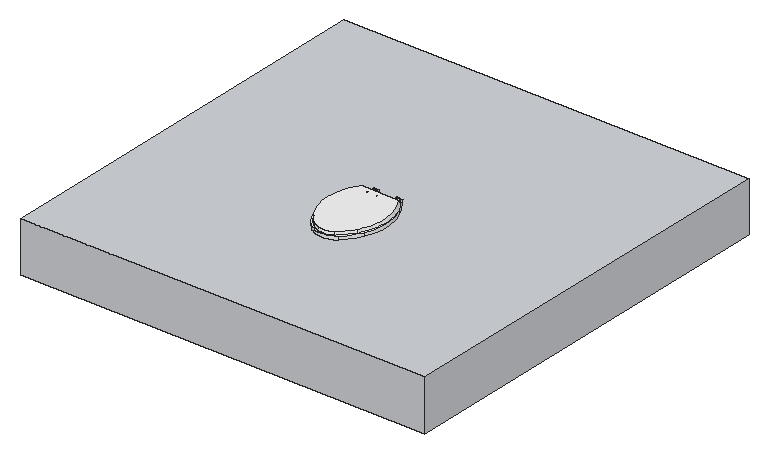
Revit family (continued)
Automatic sketch dimensions
  curve 63 to curve 63 = 0' - 0.41597"
  curve 52 to curve 48 = 0' - 0.11881"
  curve 52 to curve 54 = 0' - 0.11868"
  curve 35 to curve 38 = 0' - 0.16994"
  curve 48 to curve 49 = 0' - 0.18396"  (x2)
  curve 55 to curve 62 = 0' - 0.0287"  (x2)
  curve 40 to curve 39 = 0' - 0.00065"  (x2)
  curve 55 to curve 56 = 0' - 0.03017"  (x2)
  curve 41 to curve 50 = 0' - 0.00147"  (x2)
  curve 39 to curve 37 = 0' - 0.65417"
  curve 56 to curve 57 = 0' - 0.06862"  (x2)
  curve 50 to curve 51 = 0' - 0.06862"  (x2)
  curve 51 to curve 53 = 0' - 0.08698"
  curve 57 to curve 59 = 0' - 0.12366"
  curve 53 to curve 47 = 0' - 0.03668"
  curve 67 to curve 66 = 0' - 0.42656"
  curve 37 to curve 33 = 0' - 0.40632"
  curve 36 to curve 36 = 0' - 0.25049"
  curve 45 to curve 43 = 0' - 0.20375"
  curve 64 to curve 52 = 18' - 5.44623"
  curve 23 to plane 76 = 0' - 0"
  curve 16 to plane 3 "Center (Left/Right)" = 0' - 0"
  curve 23 to plane 79 = 0' - 0"
  curve 22 to plane 79 = 0' - 0"
  plane 82 to curve 23 = 0' - 0"
  curve 9 to plane 76 = 0' - 0.00023"
  curve 12 to plane 76 = 0' - 0.15202"
  curve 7 to plane 76 = 0' - 0.56101"
  plane 82 to curve 9 = 0' - 0.0653"
  curve 9 to curve 7 = 0' - 0.07505"
  curve 10 to curve 11 = 0' - 0.26319"
  curve 13 to plane 76 = 0' - 0.99502"
  curve 11 to plane 76 = 0' - 1.04438"
  curve 3 to plane 76 = 0' - 1.07271"
  curve 1 to curve 10 = 0' - 0.32954"
  plane 82 to curve 8 = 0' - 0.4075"
  curve 17 to curve 4 = 0' - 0.07345"
  curve 10 to curve 1 = 0' - 0.09212"
  curve 5 to curve 17 = 0' - 0.47358"
  curve 15 to curve 3 = 0' - 0.76449"
  curve 13 to curve 8 = 0' - 0.64905"
  curve 18 to curve 5 = 0' - 0.16817"
  curve 13 to curve 13 = 0' - 0.07756"
  curve 1 to curve 14 = 0' - 0.13312"
  plane 4 "Left" to curve 10 = 0' - 0.71399"
  plane 4 "Left" to curve 2 = 0' - 0.39793"
  plane 4 "Left" to curve 1 = 0' - 0.30384"
  curve 12 to plane 4 "Left" = 0' - 0.08409"
  plane 1 "Pivot Center" to curve 11 = 0' - 0.46563"
  curve 11 to plane 4 "Left" = 0' - 6.23942"
  curve 10 to plane 13 "Back" = 0' - 2.83534"
  curve 13 to plane 82 = 0' - 0.22123"
  plane 76 to curve 13 = 0' - 0.37063"
  curve 16 to plane 77 = 0' - 0.23517"
  curve 15 to curve 2 = 0' - 0.04423"
  curve 3 to plane 3 "Center (Left/Right)" = 0' - 0"
  plane 78 to curve 3 = 0' - 0.23277"
  curve 4 to curve 16 = 0' - 0.04423"
  curve 19 to plane 79 = 0' - 0.06035"
  plane 79 to curve 7 = 0' - 0.55889"
  plane 82 to curve 6 = 0' - 0.2299"
  plane 82 to curve 21 = 0' - 0.0653"
  curve 6 to curve 21 = 0' - 0.07505"
  plane 82 to curve 21 = 0' - 0.13035"
  curve 22 to curve 21 = 0' - 0.26319"
  curve 21 to plane 13 "Back" = 0' - 0.82397"
  curve 21 to curve 21 = 0' - 0.40831"
  curve 21 to curve 5 = 0' - 0.32954"
  plane 82 to curve 6 = 0' - 0.4075"
  plane 79 to curve 2 = 0' - 1.23101"
  curve 2 to curve 15 = 0' - 0.07345"
  curve 6 to curve 19 = 0' - 0.09212"
  curve 15 to curve 1 = 0' - 0.47358"
  curve 5 to curve 19 = 0' - 0.65289"
  curve 1 to curve 14 = 0' - 0.16817"
  curve 19 to curve 18 = 0' - 0.07371"
  curve 17 to curve 5 = 0' - 0.13312"
  plane 5 "Right" to curve 20 = 0' - 0.71399"
  plane 5 "Right" to curve 4 = 0' - 0.39793"
  plane 5 "Right" to curve 5 = 0' - 0.30384"
  plane 5 "Right" to curve 19 = 0' - 0.0667"
  curve 20 to plane 13 "Back" = 0' - 2.83534"
  curve 12 to plane 12 = 0' - 2.13085"
  curve 19 to plane 12 = 0' - 2.25564"
  curve 5 to curve 14 = 0' - 0.11435"
  curve 1 to curve 14 = 0' - 0.11435"
  curve 17 to curve 5 = 0' - 0.26324"
  curve 15 to curve 1 = 0' - 0.26324"
  curve 4 to curve 17 = 0' - 0.07384"
  curve 2 to curve 1 = 0' - 0.33708"
  curve 2 to curve 3 = 0' - 0.1693"
  curve 17 to curve 4 = 0' - 0.53618"
  curve 15 to curve 2 = 0' - 0.53619"
  curve 18 to curve 17 = 0' - 0"
  curve 18 to curve 19 = 0' - 0.10093"
  curve 25 to plane 9 = 0' - 0"
  curve 24 to plane 8 = 0' - 0"
  curve 25 to plane 4 "Left" = 0' - 0"
  plane 4 "Left" to curve 24 = 0' - 0.12475"
  plane 4 "Left" to curve 26 = 0' - 0.30384"
  curve 27 to curve 26 = 0' - 0.09409"
  curve 30 to plane 7 "Top" = 0' - 0.18291"
  plane 10 to curve 26 = 0' - 0.08255"
  curve 26 to curve 30 = 0' - 0.1722"
  curve 29 to plane 7 "Top" = 0' - 0.18972"
  curve 29 to curve 26 = 0' - 0.37482"
  curve 28 to curve 29 = 0' - 0.16042"
  plane 10 to curve 28 = 0' - 0.02034"
  curve 28 to plane 77 = 0' - 0.18232"
  curve 28 to plane 3 "Center (Left/Right)" = 0' - 0"
  plane 10 to curve 29 = 0' - 0.02044"
  plane 78 to curve 29 = 0' - 0.23277"
  curve 27 to plane 7 "Top" = 0' - 0.18971"
  plane 79 to curve 27 = 0' - 1.23101"
  plane 10 to curve 29 = 0' - 0.08246"
  curve 29 to curve 27 = 0' - 0.373"
  curve 26 to curve 30 = 0' - 0.17403"
  curve 30 to curve 29 = 0' - 0.09409"
  plane 5 "Right" to curve 24 = 0' - 0.12475"
  curve 25 to plane 5 "Right" = 0' - 0.01378"
  curve 26 to plane 7 "Top" = 0' - 0.18289"
  curve 67 to plane 8 = 0' - 0"
  curve 53 to plane 9 = 0' - 0"
  curve 60 to level = 0' - 0"
  curve 54 to plane 77 = 0' - 0"
  curve 59 to level = 0' - 0"
  curve 47 to level = 0' - 0"
  curve 53 to plane 78 = 0' - 0"
  curve 46 to plane 79 = 0' - 0"
  curve 45 to plane 79 = 0' - 0"
  curve 33 to plane 8 = 0' - 0"
  curve 42 to level = 0' - 0"
  plane 76 to curve 66 = 0' - 0.29378"
  plane 76 to curve 64 = 0' - 0.21525"
  curve 55 to plane 76 = 0' - 0.00023"
  level to curve 63 = 0' - 0.32345"
  curve 63 to plane 76 = 0' - 0.88271"
  plane 9 to curve 62 = 0' - 0.15706"
  curve 62 to curve 63 = 0' - 0.30401"
  curve 64 to curve 62 = 0' - 0.09702"
  curve 65 to curve 63 = 0' - 0.10401"
  curve 65 to plane 10 = 0' - 0.14663"
  curve 65 to curve 63 = 0' - 0.23092"
  curve 65 to curve 61 = 0' - 0.07559"
  curve 65 to curve 65 = 0' - 0.07146"
  curve 63 to curve 65 = 0' - 0.21593"
  curve 66 to curve 66 = 0' - 0.20375"
  curve 66 to plane 8 = 0' - 0.04517"
  curve 66 to curve 66 = 0' - 0.29366"
  curve 67 to curve 67 = 0' - 0.05435"
  curve 64 to level = 0' - 0.00092"
  curve 67 to plane 9 = 0' - 0.01773"
  curve 67 to curve 67 = 0' - 0.57198"
  curve 64 to curve 64 = 0' - 0.44899"
  plane 11 to curve 52 = 5' - 7.41231"
  curve 52 to plane 4 "Left" = 17' - 5.68758"
  curve 52 to plane 3 "Center (Left/Right)" = 0' - 0"
  curve 39 to plane 79 = 0' - 0.36362"
  curve 34 to plane 79 = 0' - 0.11366"
  level to curve 40 = 0' - 0.3177"
  plane 9 to curve 41 = 0' - 0.15706"
  curve 40 to curve 41 = 0' - 0.30411"
  curve 38 to plane 8 = 0' - 0.13527"
  curve 41 to curve 38 = 0' - 0.09541"
  curve 39 to curve 40 = 0' - 0"
  curve 38 to curve 36 = 0' - 0.02142"
  curve 36 to curve 36 = 0' - 0.10337"
  curve 36 to curve 35 = 0' - 0.01071"
  curve 36 to plane 8 = 0' - 0.10221"
  curve 38 to curve 36 = 0' - 0.15009"
  curve 40 to curve 35 = 0' - 0.15494"
  curve 35 to curve 35 = 0' - 0.05198"
  curve 35 to curve 35 = 0' - 0.09508"
  curve 35 to curve 40 = 0' - 0.16657"
  curve 35 to curve 34 = 0' - 0.11683"
  curve 34 to plane 8 = 0' - 0.04517"
  curve 34 to curve 34 = 0' - 0.38058"
  curve 34 to curve 33 = 0' - 0.05258"
  plane 9 to curve 37 = 0' - 0.14644"
  curve 33 to curve 37 = 0' - 0.2195"
  plane 11 to curve 37 = 0' - 0.56055"
  curve 39 to level = 0' - 0.0009"
  curve 37 to curve 39 = 0' - 0.2328"
  curve 33 to plane 9 = 0' - 0.01191"
  curve 37 to curve 33 = 0' - 0.33328"
  curve 39 to curve 39 = 0' - 0.4528"
  level to curve 64 = 0' - 0.10013"
  level to curve 39 = 0' - 0.1026"
  curve 54 to curve 62 = 0' - 0.21265"
  curve 43 to curve 48 = 0' - 0.11334"
  curve 35 to curve 39 = 0' - 0.06981"
  curve 65 to curve 64 = 0' - 0.06441"
  curve 59 to plane 9 = 0' - 0.03668"
  curve 42 to plane 9 = 0' - 0.03668"
  curve 45 to plane 8 = 0' - 0.14852"
Types (14): name | Finish
  (no name) | Polypropylene-Kohler-0-White
  Polypropylene-White-0 | Polypropylene-Kohler-0-White
  Polypropylene-Black_Black-7 | Polypropylene-Kohler-7-Black Black
  Polypropylene-Mexican_Sand-33 | Polypropylene-Kohler-33-Mexican Sand
  Polypropylene-Almond-47 | Polypropylene-Kohler-47-Almond
  Polypropylene-Innocent_Blush-55 | Polypropylene-Kohler-55-Innocent Blush
  Polypropylene-Thunder_Grey-58 | Polypropylene-Kohler-58-Thunder Grey
  Polypropylene-Ice_Grey-95 | Polypropylene-Kohler-95-Ice Grey
  Polypropylene-Biscuit-96 | Polypropylene-Kohler-96-Biscuit
  Polypropylene-Sandbar-G9 | Polypropylene-Kohler-G9-Sandbar
  Polypropylene-Cashmere-K4 | Polypropylene-Kohler-K4-Cashmere
  Polypropylene-Skylight-6 | Polypropylene-Kohler-6-Skylight
  Polypropylene-Tea_Green-NG | Polypropylene-Kohler-NG-Tea Green
  Polypropylene-Sunlight-Y2 | Polypropylene-Kohler-Y2-Sunlight
